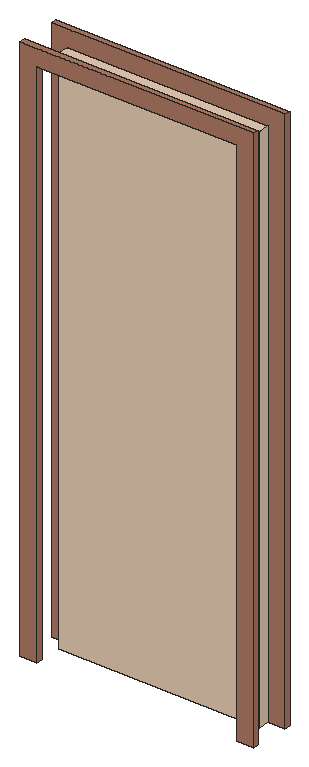
Revit family "I_Single-Flush", category Doors, host Wall, Revit 2020
Family settings
  Host = Wall
  Always vertical = Yes
  Cut with Voids When Loaded = No
  Shared = No
  Room Calculation Point = No
Parameters (values of type "3 x 8 2 Hour")
  Thickness = 51.00 mm
  Function = Interior
  Fire Rating = "2HR"
  Door Material = Door - Panel
  Frame Material = Door - Frame
  Height = 2438.40 mm
  Trim Projection Ext = 25.00 mm
  Trim Projection Int = 25.00 mm
  Trim Width = 76.00 mm
  Wall Closure = By host
  Width = 914.40 mm
  Define Thermal Properties by = Schematic Type
  Analytic Construction = "<None>"
Types (3, lengths in mm): name | Fire Rating
  3 x 8 2 Hour | "2HR"
  3 x 8 1 Hour | "1HR"
  3 x 8 | 0.00
Reference planes
  plane 1: y = 0
  plane 2: z = 0
  plane 3: x = 0
  plane 4: x = -457.2
  plane 5: x = 457.2
  plane 6: z = 2438.4
Forms (mm)
  Extrusion 1, solid, material "Door - Panel" <- "Door Material"
    sketch origin (0, 0, 0) x (1, 0, 0) y (0, 0, 1)
      loop
        line (-457.2, 2438.4) -> (-457.2, 0) -> (457.2, 0) -> (457.2, 2438.4) -> (-457.2, 2438.4)
    from -76.2 to -25.2
  Extrusion 2, solid, material "Door - Frame" <- "Frame Material"
    sketch origin (-1524, -76.2, 0) x (1, 0, 0) y (0, 0, 1)
      loop
        line (990.8, 2514.4) -> (990.8, 0) -> (1066.8, 0) -> (1066.8, 2438.4) -> (1981.2, 2438.4) -> (1981.2, 0) -> (2057.2, 0) -> (2057.2, 2514.4) -> (990.8, 2514.4)
    from 0 to 25
  Extrusion 3, solid, material "Door - Frame" <- "Frame Material"
    sketch origin (-1524, 76.2, 0) x (-1, 0, 0) y (0, 0, 1)
      loop
        line (-2057.2, 2514.4) -> (-2057.2, 0) -> (-1981.2, 0) -> (-1981.2, 2438.4) -> (-1066.8, 2438.4) -> (-1066.8, 0) -> (-990.8, 0) -> (-990.8, 2514.4) -> (-2057.2, 2514.4)
    from 0 to 25
Lines and regions (mm)
  Opening 1
    outline origin (-1524, -76.2, 3657.6) x (0, 0, -1) y (1, 0, 0)
      loop
        line (1219.2, 1066.8) -> (3657.6, 1066.8) -> (3657.6, 1981.2) -> (1219.2, 1981.2) -> (1219.2, 1066.8)
  symbolic lines, style "DoorsPanelProjection"
    curve 1: line (457.2, 76.2, 0) -> (406.2, 76.2, 0)
    curve 2: line (457.2, 76.2, 0) -> (457.2, 990.871, 0)
    curve 3: line (457.2, 990.871, 0) -> (406.2, 990.871, 0)
    curve 4: line (406.2, 76.2, 0) -> (406.2, 990.871, 0)
  model lines, style "DoorsFrameMullionProjection"
    curve 5: line (-533.2, -76.2, 0) -> (-533.2, -76.2, 2514.4)
    curve 6: line (-533.2, -76.2, 2514.4) -> (533.2, -76.2, 2514.4)
    curve 7: line (533.2, -76.2, 2514.4) -> (533.2, -76.2, 0)
    curve 8: line (533.2, 76.2, 0) -> (533.2, 76.2, 2514.4)
    curve 9: line (-533.2, 76.2, 2514.4) -> (533.2, 76.2, 2514.4)
    curve 10: line (-533.2, 76.2, 2514.4) -> (-533.2, 76.2, 0)
  symbolic lines, style "Plan Swing"
    curve 11: arc (406.2, 990.871, 0) -> (-208.361, 705.685, 0) -> (-458.891, 76.2, 0) r 916.091
  symbolic lines, style "Elevation Swing"
    curve 12: line (-457.2, 0, 2438.4) -> (457.2, 0, 1219.2)
    curve 13: line (457.2, 0, 1219.2) -> (-457.2, 0, 0)
Dimensions and locks
  equal spacing: plane 4, plane 3, plane 5
  "Width": plane 4 to plane 5
  locked: host wall to curve 1
  control icon elem to plane 5 = 261.608 mm
  "Height": plane 6 to plane 2
  "Trim Width": plane 4 to curve 5
  "Trim Width": plane 5 to curve 7
  "Trim Width": plane 6 to curve 6
  locked: curve 9 to host wall
  "Trim Projection Ext": Extrusion 3 to host wall
  "Trim Projection Int": Extrusion 2 to host wall
  "Thickness": curve 4 to plane 5
  "Thickness": Extrusion 1 to host wall
  equal spacing: plane 6, curve 13, level
  aligned and locked: host wall to Extrusion 1
  aligned and locked: plane 2 to curve 5
  aligned and locked: curve 7 to level
  aligned and locked: curve 8 to curve 7
  aligned and locked: curve 6 to Extrusion 2 sketch curve
  aligned and locked: Extrusion 2 sketch curve to curve 5
  aligned and locked: Extrusion 2 sketch curve to curve 7
  aligned and locked: Extrusion 2 to Extrusion 3 sketch curve
  aligned and locked: Extrusion 3 sketch curve to Extrusion 2  (x2)
Automatic sketch dimensions
  Opening 1 sketch curve to plane 6 = 0.00 mm
  Opening 1 sketch curve to level = 0.00 mm
  Opening 1 sketch curve to plane 4 = 0.00 mm
  Opening 1 sketch curve to plane 5 = 0.00 mm
  Extrusion 1 sketch curve to plane 4 = 0.00 mm
  Extrusion 1 sketch curve to plane 5 = 0.00 mm
  Extrusion 1 sketch curve to level = 0.00 mm
  Extrusion 1 sketch curve to plane 6 = 0.00 mm
  Extrusion 2 sketch curve to level = 0.00 mm  (x2)
  Extrusion 2 sketch curve to plane 4 = 0.00 mm
  Extrusion 2 sketch curve to plane 5 = 0.00 mm
  Extrusion 2 sketch curve to plane 6 = 0.00 mm
  Extrusion 3 sketch curve to level = 0.00 mm  (x2)
  Extrusion 3 sketch curve to plane 5 = 0.00 mm
  Extrusion 3 sketch curve to plane 4 = 0.00 mm
  Extrusion 3 sketch curve to plane 6 = 0.00 mm
  curve 1 to plane 5 = 0.00 mm
  curve 11 to plane 5 = 0.00 mm
  plane 4 to curve 11 = 1.691 mm
  curve 11 to host wall = 0.00 mm
  curve 12 to plane 4 = 0.00 mm
  curve 12 to plane 6 = 0.00 mm
  curve 13 to plane 5 = 0.00 mm
  curve 10 to level = 0.00 mm
  curve 8 to level = 0.00 mm
  curve 13 to level = 0.00 mm
  curve 13 to plane 4 = 0.00 mm
  curve 9 to curve 5 = 0.00 mm
  curve 10 to curve 5 = 0.00 mm
